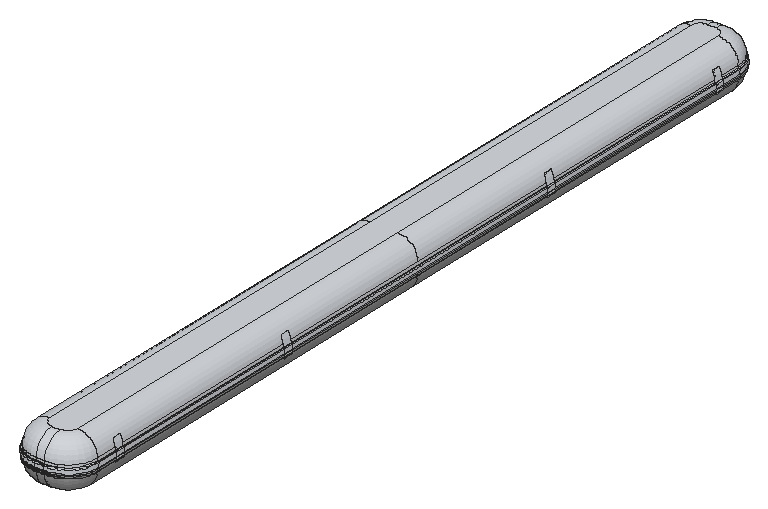
Revit family "VOC3_63_UN_Surface-mounted_ETK", category Lighting Fixtures, Revit 2017 (continued)
Definition of nested family "VOC3 - Geometry"
  Forms (mm)
    Extrusion 47, solid, visible <- "650mm x 127mm"
      sketch origin (0, -275, 0) x (-1, 0, 0) y (0, 0, 1)
        loop
          arc (-61.242, 49.671) -> (-59.937, 59.634) -> (-56.742, 69.16) r 52.018
          arc (-56.742, 69.16) -> (-56.994, 69.821) -> (-57.655, 69.569) r 0.5
          arc (-57.655, 69.569) -> (-60.733, 60.606) -> (-62.168, 51.238) r 53.018
          arc (-62.168, 51.238) -> (-62.34, 50.847) -> (-62.725, 50.662) r 0.618
          arc (-62.725, 50.662) -> (-63.99, 50.027) -> (-64.5, 48.707) r 1.964
          line (-64.5, 48.707) -> (-64.5, 35.336)
          arc (-64.5, 35.336) -> (-63.901, 33.891) -> (-62.456, 33.292) r 2.044
          line (-62.456, 33.292) -> (-61.548, 33.292)
          arc (-61.548, 33.292) -> (-61.048, 33.792) -> (-61.548, 34.292) r 0.5
          line (-61.548, 34.292) -> (-62.456, 34.292)
          arc (-62.456, 34.292) -> (-63.194, 34.598) -> (-63.5, 35.336) r 1.044
          line (-63.5, 35.336) -> (-63.5, 48.707)
          arc (-63.5, 48.707) -> (-63.218, 49.388) -> (-62.536, 49.671) r 0.964
          line (-62.536, 49.671) -> (-61.242, 49.671)
      from 0 to 15
    Extrusion 48, solid, visible <- "650mm x 127mm"
      sketch origin (0, -105, 0) x (-1, 0, 0) y (0, 0, 1)
        loop
          arc (-61.242, 49.671) -> (-59.937, 59.634) -> (-56.742, 69.16) r 52.018
          arc (-56.742, 69.16) -> (-56.994, 69.821) -> (-57.655, 69.569) r 0.5
          arc (-57.655, 69.569) -> (-60.733, 60.606) -> (-62.168, 51.238) r 53.018
          arc (-62.168, 51.238) -> (-62.34, 50.847) -> (-62.725, 50.662) r 0.618
          arc (-62.725, 50.662) -> (-63.99, 50.027) -> (-64.5, 48.707) r 1.964
          line (-64.5, 48.707) -> (-64.5, 35.336)
          arc (-64.5, 35.336) -> (-63.901, 33.891) -> (-62.456, 33.292) r 2.044
          line (-62.456, 33.292) -> (-61.548, 33.292)
          arc (-61.548, 33.292) -> (-61.048, 33.792) -> (-61.548, 34.292) r 0.5
          line (-61.548, 34.292) -> (-62.456, 34.292)
          arc (-62.456, 34.292) -> (-63.194, 34.598) -> (-63.5, 35.336) r 1.044
          line (-63.5, 35.336) -> (-63.5, 48.707)
          arc (-63.5, 48.707) -> (-63.218, 49.388) -> (-62.536, 49.671) r 0.964
          line (-62.536, 49.671) -> (-61.242, 49.671)
      from 0 to 15
    Sweep 49, solid, visible <- "1260mm x 127mm"
      path origin (0, 0, 0) x (1, 0, 0) y (0, 1, 0)
        loop
          line (-63.5, 0) -> (-63.5, -569)
          arc (-63.5, -569) -> (-47.098, -608.598) -> (-7.5, -625) r 56
          line (-7.5, -625) -> (7.5, -625)
          arc (7.5, -625) -> (47.098, -608.598) -> (63.5, -569) r 56
          line (63.5, -569) -> (63.5, 0) -> (63.5, 569)
          arc (63.5, 569) -> (47.098, 608.598) -> (7.5, 625) r 56
          line (7.5, 625) -> (-7.5, 625)
          arc (-7.5, 625) -> (-47.098, 608.598) -> (-63.5, 569) r 56
          line (-63.5, 569) -> (-63.5, 0)
      profile origin (-63.5, 284.5, 0) x (-1, 0, 0) y (0, 0, 1)
        loop
          line (-38.5, 90) -> (-51.937, 90) -> (-51.937, 89) -> (-38.5, 89)
          arc (-38.5, 89) -> (-14.207, 78.938) -> (-4.145, 54.645) r 34.355
          line (-4.145, 54.645) -> (-4.145, 49.645) -> (-4.145, 39.645) -> (-1, 39.645)
          arc (-1, 39.645) -> (-0.293, 39.938) -> (0, 40.645) r 1
          line (0, 40.645) -> (0, 48.645)
          arc (0, 48.645) -> (-0.293, 49.352) -> (-1, 49.645) r 1
          line (-1, 49.645) -> (-2.145, 49.645)
          arc (-2.145, 49.645) -> (-2.852, 49.938) -> (-3.145, 50.645) r 1
          line (-3.145, 50.645) -> (-3.145, 54.645)
          arc (-3.145, 54.645) -> (-13.5, 79.645) -> (-38.5, 90) r 35.355
    Extrusion 50, solid, visible <- "1260mm x 127mm"
      sketch origin (0, 0, 89) x (1, 0, 0) y (0, 1, 0)
        loop
          arc (-11.562, -569) -> (-10.373, -571.873) -> (-7.5, -573.063) r 4.063
          line (-7.5, -573.063) -> (7.5, -573.063)
          arc (7.5, -573.063) -> (10.373, -571.873) -> (11.562, -569) r 4.062
          line (11.562, -569) -> (11.562, 569)
          arc (11.562, 569) -> (10.373, 571.873) -> (7.5, 573.062) r 4.062
          line (7.5, 573.062) -> (-7.5, 573.062)
          arc (-7.5, 573.062) -> (-10.373, 571.873) -> (-11.562, 569) r 4.062
          line (-11.562, 569) -> (-11.562, -569)
      from 0 to 1
    Sweep 51, solid, material <- "Luminaire_Cap_Material", visible <- "1260mm x 127mm"
      path origin (0, 0, 79.289) x (0, -1, 0) y (1, 0, 0)
        loop
          line (0, -63.5) -> (569, -63.5)
          arc (569, -63.5) -> (608.598, -47.098) -> (625, -7.5) r 56
          line (625, -7.5) -> (625, 7.5)
          arc (625, 7.5) -> (608.598, 47.098) -> (569, 63.5) r 56
          line (569, 63.5) -> (0, 63.5) -> (-569, 63.5)
          arc (-569, 63.5) -> (-608.598, 47.098) -> (-625, 7.5) r 56
          line (-625, 7.5) -> (-625, -7.5)
          arc (-625, -7.5) -> (-608.598, -47.098) -> (-569, -63.5) r 56
          line (-569, -63.5) -> (0, -63.5)
      profile origin (-63.5, 284.5, 79.289) x (-1, 0, 0) y (0, 0, 1)
        loop
          line (-3.159, -44.957) -> (-1.312, -44.957)
          arc (-1.312, -44.957) -> (-0.605, -44.664) -> (-0.312, -43.957) r 1
          line (-0.312, -43.957) -> (-0.312, -40.645)
          arc (-0.312, -40.645) -> (-0.605, -39.938) -> (-1.312, -39.645) r 1
          line (-1.312, -39.645) -> (-4.145, -39.645) -> (-4.145, -43.934)
          arc (-4.145, -43.934) -> (-14.207, -68.227) -> (-38.5, -78.289) r 34.355
          line (-38.5, -78.289) -> (-51.937, -78.289) -> (-51.937, -79.289) -> (-38.5, -79.289)
          arc (-38.5, -79.289) -> (-13.864, -69.293) -> (-3.159, -44.957) r 35.355
    Extrusion 52, solid, material <- "Luminaire_Cap_Material", visible <- "1260mm x 127mm"
      sketch origin (0, 0, 0) x (1, 0, 0) y (0, 1, 0)
        loop
          arc (-11.562, -569) -> (-10.373, -571.873) -> (-7.5, -573.063) r 4.063
          line (-7.5, -573.063) -> (7.5, -573.063)
          arc (7.5, -573.063) -> (10.373, -571.873) -> (11.562, -569) r 4.062
          line (11.562, -569) -> (11.562, 569)
          arc (11.562, 569) -> (10.373, 571.873) -> (7.5, 573.062) r 4.062
          line (7.5, 573.062) -> (-7.5, 573.062)
          arc (-7.5, 573.062) -> (-10.373, 571.873) -> (-11.562, 569) r 4.062
          line (-11.562, 569) -> (-11.562, -569)
      from 0 to 1
    Extrusion 53, solid, visible <- "1260mm x 127mm"
      sketch origin (0, 545, 0) x (1, 0, 0) y (0, 0, 1)
        loop
          arc (-61.242, 49.671) -> (-59.937, 59.634) -> (-56.742, 69.16) r 52.018
          arc (-56.742, 69.16) -> (-56.994, 69.821) -> (-57.655, 69.569) r 0.5
          arc (-57.655, 69.569) -> (-60.733, 60.606) -> (-62.168, 51.238) r 53.018
          arc (-62.168, 51.238) -> (-62.34, 50.847) -> (-62.725, 50.662) r 0.618
          arc (-62.725, 50.662) -> (-63.99, 50.027) -> (-64.5, 48.707) r 1.964
          line (-64.5, 48.707) -> (-64.5, 35.336)
          arc (-64.5, 35.336) -> (-63.901, 33.891) -> (-62.456, 33.292) r 2.044
          line (-62.456, 33.292) -> (-61.548, 33.292)
          arc (-61.548, 33.292) -> (-61.048, 33.792) -> (-61.548, 34.292) r 0.5
          line (-61.548, 34.292) -> (-62.456, 34.292)
          arc (-62.456, 34.292) -> (-63.194, 34.598) -> (-63.5, 35.336) r 1.044
          line (-63.5, 35.336) -> (-63.5, 48.707)
          arc (-63.5, 48.707) -> (-63.218, 49.388) -> (-62.536, 49.671) r 0.964
          line (-62.536, 49.671) -> (-61.242, 49.671)
      from 0 to 15
    Extrusion 54, solid, visible <- "1260mm x 127mm"
      sketch origin (0, 265, 0) x (1, 0, 0) y (0, 0, 1)
        loop
          arc (-61.242, 49.671) -> (-59.937, 59.634) -> (-56.742, 69.16) r 52.018
          arc (-56.742, 69.16) -> (-56.994, 69.821) -> (-57.655, 69.569) r 0.5
          arc (-57.655, 69.569) -> (-60.733, 60.606) -> (-62.168, 51.238) r 53.018
          arc (-62.168, 51.238) -> (-62.34, 50.847) -> (-62.725, 50.662) r 0.618
          arc (-62.725, 50.662) -> (-63.99, 50.027) -> (-64.5, 48.707) r 1.964
          line (-64.5, 48.707) -> (-64.5, 35.336)
          arc (-64.5, 35.336) -> (-63.901, 33.891) -> (-62.456, 33.292) r 2.044
          line (-62.456, 33.292) -> (-61.548, 33.292)
          arc (-61.548, 33.292) -> (-61.048, 33.792) -> (-61.548, 34.292) r 0.5
          line (-61.548, 34.292) -> (-62.456, 34.292)
          arc (-62.456, 34.292) -> (-63.194, 34.598) -> (-63.5, 35.336) r 1.044
          line (-63.5, 35.336) -> (-63.5, 48.707)
          arc (-63.5, 48.707) -> (-63.218, 49.388) -> (-62.536, 49.671) r 0.964
          line (-62.536, 49.671) -> (-61.242, 49.671)
      from 0 to 15
    Extrusion 55, solid, visible <- "1260mm x 127mm"
      sketch origin (0, 545, 0) x (-1, 0, 0) y (0, 0, -1)
        loop
          line (-61.242, -49.671) -> (-62.536, -49.671)
          arc (-62.536, -49.671) -> (-63.218, -49.388) -> (-63.5, -48.707) r 0.964
          line (-63.5, -48.707) -> (-63.5, -35.336)
          arc (-63.5, -35.336) -> (-63.194, -34.598) -> (-62.456, -34.292) r 1.044
          line (-62.456, -34.292) -> (-61.548, -34.292)
          arc (-61.548, -34.292) -> (-61.048, -33.792) -> (-61.548, -33.292) r 0.5
          line (-61.548, -33.292) -> (-62.456, -33.292)
          arc (-62.456, -33.292) -> (-63.901, -33.891) -> (-64.5, -35.336) r 2.044
          line (-64.5, -35.336) -> (-64.5, -48.707)
          arc (-64.5, -48.707) -> (-63.99, -50.027) -> (-62.725, -50.662) r 1.964
          arc (-62.725, -50.662) -> (-62.34, -50.847) -> (-62.168, -51.238) r 0.618
          arc (-62.168, -51.238) -> (-60.733, -60.606) -> (-57.655, -69.569) r 53.018
          arc (-57.655, -69.569) -> (-56.994, -69.821) -> (-56.742, -69.16) r 0.5
          arc (-56.742, -69.16) -> (-59.937, -59.634) -> (-61.242, -49.671) r 52.018
      from 0 to 15
    Extrusion 56, solid, visible <- "1260mm x 127mm"
      sketch origin (0, 265, 0) x (-1, 0, 0) y (0, 0, -1)
        loop
          line (-61.242, -49.671) -> (-62.536, -49.671)
          arc (-62.536, -49.671) -> (-63.218, -49.388) -> (-63.5, -48.707) r 0.964
          line (-63.5, -48.707) -> (-63.5, -35.336)
          arc (-63.5, -35.336) -> (-63.194, -34.598) -> (-62.456, -34.292) r 1.044
          line (-62.456, -34.292) -> (-61.548, -34.292)
          arc (-61.548, -34.292) -> (-61.048, -33.792) -> (-61.548, -33.292) r 0.5
          line (-61.548, -33.292) -> (-62.456, -33.292)
          arc (-62.456, -33.292) -> (-63.901, -33.891) -> (-64.5, -35.336) r 2.044
          line (-64.5, -35.336) -> (-64.5, -48.707)
          arc (-64.5, -48.707) -> (-63.99, -50.027) -> (-62.725, -50.662) r 1.964
          arc (-62.725, -50.662) -> (-62.34, -50.847) -> (-62.168, -51.238) r 0.618
          arc (-62.168, -51.238) -> (-60.733, -60.606) -> (-57.655, -69.569) r 53.018
          arc (-57.655, -69.569) -> (-56.994, -69.821) -> (-56.742, -69.16) r 0.5
          arc (-56.742, -69.16) -> (-59.937, -59.634) -> (-61.242, -49.671) r 52.018
      from 0 to 15
    Extrusion 57, solid, visible <- "1260mm x 127mm"
      sketch origin (0, -545, 0) x (1, 0, 0) y (0, 0, -1)
        loop
          line (-61.242, -49.671) -> (-62.536, -49.671)
          arc (-62.536, -49.671) -> (-63.218, -49.388) -> (-63.5, -48.707) r 0.964
          line (-63.5, -48.707) -> (-63.5, -35.336)
          arc (-63.5, -35.336) -> (-63.194, -34.598) -> (-62.456, -34.292) r 1.044
          line (-62.456, -34.292) -> (-61.548, -34.292)
          arc (-61.548, -34.292) -> (-61.048, -33.792) -> (-61.548, -33.292) r 0.5
          line (-61.548, -33.292) -> (-62.456, -33.292)
          arc (-62.456, -33.292) -> (-63.901, -33.891) -> (-64.5, -35.336) r 2.044
          line (-64.5, -35.336) -> (-64.5, -48.707)
          arc (-64.5, -48.707) -> (-63.99, -50.027) -> (-62.725, -50.662) r 1.964
          arc (-62.725, -50.662) -> (-62.34, -50.847) -> (-62.168, -51.238) r 0.618
          arc (-62.168, -51.238) -> (-60.733, -60.606) -> (-57.655, -69.569) r 53.018
          arc (-57.655, -69.569) -> (-56.994, -69.821) -> (-56.742, -69.16) r 0.5
          arc (-56.742, -69.16) -> (-59.937, -59.634) -> (-61.242, -49.671) r 52.018
      from 0 to 15
    Extrusion 58, solid, visible <- "1260mm x 127mm"
      sketch origin (0, -265, 0) x (1, 0, 0) y (0, 0, -1)
        loop
          line (-61.242, -49.671) -> (-62.536, -49.671)
          arc (-62.536, -49.671) -> (-63.218, -49.388) -> (-63.5, -48.707) r 0.964
          line (-63.5, -48.707) -> (-63.5, -35.336)
          arc (-63.5, -35.336) -> (-63.194, -34.598) -> (-62.456, -34.292) r 1.044
          line (-62.456, -34.292) -> (-61.548, -34.292)
          arc (-61.548, -34.292) -> (-61.048, -33.792) -> (-61.548, -33.292) r 0.5
          line (-61.548, -33.292) -> (-62.456, -33.292)
          arc (-62.456, -33.292) -> (-63.901, -33.891) -> (-64.5, -35.336) r 2.044
          line (-64.5, -35.336) -> (-64.5, -48.707)
          arc (-64.5, -48.707) -> (-63.99, -50.027) -> (-62.725, -50.662) r 1.964
          arc (-62.725, -50.662) -> (-62.34, -50.847) -> (-62.168, -51.238) r 0.618
          arc (-62.168, -51.238) -> (-60.733, -60.606) -> (-57.655, -69.569) r 53.018
          arc (-57.655, -69.569) -> (-56.994, -69.821) -> (-56.742, -69.16) r 0.5
          arc (-56.742, -69.16) -> (-59.937, -59.634) -> (-61.242, -49.671) r 52.018
      from 0 to 15
    Extrusion 59, solid, visible <- "1260mm x 127mm"
      sketch origin (0, -545, 0) x (-1, 0, 0) y (0, 0, 1)
        loop
          arc (-61.242, 49.671) -> (-59.937, 59.634) -> (-56.742, 69.16) r 52.018
          arc (-56.742, 69.16) -> (-56.994, 69.821) -> (-57.655, 69.569) r 0.5
          arc (-57.655, 69.569) -> (-60.733, 60.606) -> (-62.168, 51.238) r 53.018
          arc (-62.168, 51.238) -> (-62.34, 50.847) -> (-62.725, 50.662) r 0.618
          arc (-62.725, 50.662) -> (-63.99, 50.027) -> (-64.5, 48.707) r 1.964
          line (-64.5, 48.707) -> (-64.5, 35.336)
          arc (-64.5, 35.336) -> (-63.901, 33.891) -> (-62.456, 33.292) r 2.044
          line (-62.456, 33.292) -> (-61.548, 33.292)
          arc (-61.548, 33.292) -> (-61.048, 33.792) -> (-61.548, 34.292) r 0.5
          line (-61.548, 34.292) -> (-62.456, 34.292)
          arc (-62.456, 34.292) -> (-63.194, 34.598) -> (-63.5, 35.336) r 1.044
          line (-63.5, 35.336) -> (-63.5, 48.707)
          arc (-63.5, 48.707) -> (-63.218, 49.388) -> (-62.536, 49.671) r 0.964
          line (-62.536, 49.671) -> (-61.242, 49.671)
      from 0 to 15
    Extrusion 60, solid, visible <- "1260mm x 127mm"
      sketch origin (0, -265, 0) x (-1, 0, 0) y (0, 0, 1)
        loop
          arc (-61.242, 49.671) -> (-59.937, 59.634) -> (-56.742, 69.16) r 52.018
          arc (-56.742, 69.16) -> (-56.994, 69.821) -> (-57.655, 69.569) r 0.5
          arc (-57.655, 69.569) -> (-60.733, 60.606) -> (-62.168, 51.238) r 53.018
          arc (-62.168, 51.238) -> (-62.34, 50.847) -> (-62.725, 50.662) r 0.618
          arc (-62.725, 50.662) -> (-63.99, 50.027) -> (-64.5, 48.707) r 1.964
          line (-64.5, 48.707) -> (-64.5, 35.336)
          arc (-64.5, 35.336) -> (-63.901, 33.891) -> (-62.456, 33.292) r 2.044
          line (-62.456, 33.292) -> (-61.548, 33.292)
          arc (-61.548, 33.292) -> (-61.048, 33.792) -> (-61.548, 34.292) r 0.5
          line (-61.548, 34.292) -> (-62.456, 34.292)
          arc (-62.456, 34.292) -> (-63.194, 34.598) -> (-63.5, 35.336) r 1.044
          line (-63.5, 35.336) -> (-63.5, 48.707)
          arc (-63.5, 48.707) -> (-63.218, 49.388) -> (-62.536, 49.671) r 0.964
          line (-62.536, 49.671) -> (-61.242, 49.671)
      from 0 to 15
    Sweep 61, solid, visible <- "1560mm x 127mm"
      path origin (0, 0, 0) x (1, 0, 0) y (0, 1, 0)
        loop
          line (-63.5, 0) -> (-63.5, -724)
          arc (-63.5, -724) -> (-47.098, -763.598) -> (-7.5, -780) r 56
          line (-7.5, -780) -> (7.5, -780)
          arc (7.5, -780) -> (47.098, -763.598) -> (63.5, -724) r 56
          line (63.5, -724) -> (63.5, 0) -> (63.5, 724)
          arc (63.5, 724) -> (47.098, 763.598) -> (7.5, 780) r 56
          line (7.5, 780) -> (-7.5, 780)
          arc (-7.5, 780) -> (-47.098, 763.598) -> (-63.5, 724) r 56
          line (-63.5, 724) -> (-63.5, 0)
      profile origin (-63.5, 362, 0) x (-1, 0, 0) y (0, 0, 1)
        loop
          line (-38.5, 90) -> (-51.937, 90) -> (-51.937, 89) -> (-38.5, 89)
          arc (-38.5, 89) -> (-14.207, 78.938) -> (-4.145, 54.645) r 34.355
          line (-4.145, 54.645) -> (-4.145, 49.645) -> (-4.145, 39.645) -> (-1, 39.645)
          arc (-1, 39.645) -> (-0.293, 39.938) -> (0, 40.645) r 1
          line (0, 40.645) -> (0, 48.645)
          arc (0, 48.645) -> (-0.293, 49.352) -> (-1, 49.645) r 1
          line (-1, 49.645) -> (-2.145, 49.645)
          arc (-2.145, 49.645) -> (-2.852, 49.938) -> (-3.145, 50.645) r 1
          line (-3.145, 50.645) -> (-3.145, 54.645)
          arc (-3.145, 54.645) -> (-13.5, 79.645) -> (-38.5, 90) r 35.355
    Extrusion 62, solid, visible <- "1560mm x 127mm"
      sketch origin (0, 0, 89) x (1, 0, 0) y (0, 1, 0)
        loop
          arc (-11.562, -724) -> (-10.373, -726.873) -> (-7.5, -728.063) r 4.063
          line (-7.5, -728.063) -> (7.5, -728.063)
          arc (7.5, -728.063) -> (10.373, -726.873) -> (11.562, -724) r 4.062
          line (11.562, -724) -> (11.562, 724)
          arc (11.562, 724) -> (10.373, 726.873) -> (7.5, 728.062) r 4.062
          line (7.5, 728.062) -> (-7.5, 728.062)
          arc (-7.5, 728.062) -> (-10.373, 726.873) -> (-11.562, 724) r 4.062
          line (-11.562, 724) -> (-11.562, -724)
      from 0 to 1
    Sweep 63, solid, material <- "Luminaire_Cap_Material", visible <- "1560mm x 127mm"
      path origin (0, 0, 79.289) x (0, -1, 0) y (1, 0, 0)
        loop
          line (0, -63.5) -> (724, -63.5)
          arc (724, -63.5) -> (763.598, -47.098) -> (780, -7.5) r 56
          line (780, -7.5) -> (780, 7.5)
          arc (780, 7.5) -> (763.598, 47.098) -> (724, 63.5) r 56
          line (724, 63.5) -> (0, 63.5) -> (-724, 63.5)
          arc (-724, 63.5) -> (-763.598, 47.098) -> (-780, 7.5) r 56
          line (-780, 7.5) -> (-780, -7.5)
          arc (-780, -7.5) -> (-763.598, -47.098) -> (-724, -63.5) r 56
          line (-724, -63.5) -> (0, -63.5)
      profile origin (-63.5, 362, 79.289) x (-1, 0, 0) y (0, 0, 1)
        loop
          line (-3.159, -44.957) -> (-1.312, -44.957)
          arc (-1.312, -44.957) -> (-0.605, -44.664) -> (-0.312, -43.957) r 1
          line (-0.312, -43.957) -> (-0.312, -40.645)
          arc (-0.312, -40.645) -> (-0.605, -39.938) -> (-1.312, -39.645) r 1
          line (-1.312, -39.645) -> (-4.145, -39.645) -> (-4.145, -43.934)
          arc (-4.145, -43.934) -> (-14.207, -68.227) -> (-38.5, -78.289) r 34.355
          line (-38.5, -78.289) -> (-51.937, -78.289) -> (-51.937, -79.289) -> (-38.5, -79.289)
          arc (-38.5, -79.289) -> (-13.864, -69.293) -> (-3.159, -44.957) r 35.355
    Extrusion 64, solid, material <- "Luminaire_Cap_Material", visible <- "1560mm x 127mm"
      sketch origin (0, 0, 0) x (1, 0, 0) y (0, 1, 0)
        loop
          arc (-11.562, -724) -> (-10.373, -726.873) -> (-7.5, -728.063) r 4.063
          line (-7.5, -728.063) -> (7.5, -728.063)
          arc (7.5, -728.063) -> (10.373, -726.873) -> (11.562, -724) r 4.062
          line (11.562, -724) -> (11.562, 724)
          arc (11.562, 724) -> (10.373, 726.873) -> (7.5, 728.062) r 4.062
          line (7.5, 728.062) -> (-7.5, 728.062)
          arc (-7.5, 728.062) -> (-10.373, 726.873) -> (-11.562, 724) r 4.062
          line (-11.562, 724) -> (-11.562, -724)
      from 0 to 1
    Extrusion 65, solid, visible <- "1560mm x 127mm"
      sketch origin (0, 685, 0) x (1, 0, 0) y (0, 0, 1)
        loop
          arc (-61.242, 49.671) -> (-59.937, 59.634) -> (-56.742, 69.16) r 52.018
          arc (-56.742, 69.16) -> (-56.994, 69.821) -> (-57.655, 69.569) r 0.5
          arc (-57.655, 69.569) -> (-60.733, 60.606) -> (-62.168, 51.238) r 53.018
          arc (-62.168, 51.238) -> (-62.34, 50.847) -> (-62.725, 50.662) r 0.618
          arc (-62.725, 50.662) -> (-63.99, 50.027) -> (-64.5, 48.707) r 1.964
          line (-64.5, 48.707) -> (-64.5, 35.336)
          arc (-64.5, 35.336) -> (-63.901, 33.891) -> (-62.456, 33.292) r 2.044
          line (-62.456, 33.292) -> (-61.548, 33.292)
          arc (-61.548, 33.292) -> (-61.048, 33.792) -> (-61.548, 34.292) r 0.5
          line (-61.548, 34.292) -> (-62.456, 34.292)
          arc (-62.456, 34.292) -> (-63.194, 34.598) -> (-63.5, 35.336) r 1.044
          line (-63.5, 35.336) -> (-63.5, 48.707)
          arc (-63.5, 48.707) -> (-63.218, 49.388) -> (-62.536, 49.671) r 0.964
          line (-62.536, 49.671) -> (-61.242, 49.671)
      from 0 to 15
    Extrusion 66, solid, visible <- "1560mm x 127mm"
      sketch origin (0, 305, 0) x (1, 0, 0) y (0, 0, 1)
        loop
          arc (-61.242, 49.671) -> (-59.937, 59.634) -> (-56.742, 69.16) r 52.018
          arc (-56.742, 69.16) -> (-56.994, 69.821) -> (-57.655, 69.569) r 0.5
          arc (-57.655, 69.569) -> (-60.733, 60.606) -> (-62.168, 51.238) r 53.018
          arc (-62.168, 51.238) -> (-62.34, 50.847) -> (-62.725, 50.662) r 0.618
          arc (-62.725, 50.662) -> (-63.99, 50.027) -> (-64.5, 48.707) r 1.964
          line (-64.5, 48.707) -> (-64.5, 35.336)
          arc (-64.5, 35.336) -> (-63.901, 33.891) -> (-62.456, 33.292) r 2.044
          line (-62.456, 33.292) -> (-61.548, 33.292)
          arc (-61.548, 33.292) -> (-61.048, 33.792) -> (-61.548, 34.292) r 0.5
          line (-61.548, 34.292) -> (-62.456, 34.292)
          arc (-62.456, 34.292) -> (-63.194, 34.598) -> (-63.5, 35.336) r 1.044
          line (-63.5, 35.336) -> (-63.5, 48.707)
          arc (-63.5, 48.707) -> (-63.218, 49.388) -> (-62.536, 49.671) r 0.964
          line (-62.536, 49.671) -> (-61.242, 49.671)
      from 0 to 15
    Extrusion 67, solid, visible <- "1560mm x 127mm"
      sketch origin (0, 685, 0) x (-1, 0, 0) y (0, 0, -1)
        loop
          line (-61.242, -49.671) -> (-62.536, -49.671)
          arc (-62.536, -49.671) -> (-63.218, -49.388) -> (-63.5, -48.707) r 0.964
          line (-63.5, -48.707) -> (-63.5, -35.336)
          arc (-63.5, -35.336) -> (-63.194, -34.598) -> (-62.456, -34.292) r 1.044
          line (-62.456, -34.292) -> (-61.548, -34.292)
          arc (-61.548, -34.292) -> (-61.048, -33.792) -> (-61.548, -33.292) r 0.5
          line (-61.548, -33.292) -> (-62.456, -33.292)
          arc (-62.456, -33.292) -> (-63.901, -33.891) -> (-64.5, -35.336) r 2.044
          line (-64.5, -35.336) -> (-64.5, -48.707)
          arc (-64.5, -48.707) -> (-63.99, -50.027) -> (-62.725, -50.662) r 1.964
          arc (-62.725, -50.662) -> (-62.34, -50.847) -> (-62.168, -51.238) r 0.618
          arc (-62.168, -51.238) -> (-60.733, -60.606) -> (-57.655, -69.569) r 53.018
          arc (-57.655, -69.569) -> (-56.994, -69.821) -> (-56.742, -69.16) r 0.5
          arc (-56.742, -69.16) -> (-59.937, -59.634) -> (-61.242, -49.671) r 52.018
      from 0 to 15
    Extrusion 68, solid, visible <- "1560mm x 127mm"
      sketch origin (0, 305, 0) x (-1, 0, 0) y (0, 0, -1)
        loop
          line (-61.242, -49.671) -> (-62.536, -49.671)
          arc (-62.536, -49.671) -> (-63.218, -49.388) -> (-63.5, -48.707) r 0.964
          line (-63.5, -48.707) -> (-63.5, -35.336)
          arc (-63.5, -35.336) -> (-63.194, -34.598) -> (-62.456, -34.292) r 1.044
          line (-62.456, -34.292) -> (-61.548, -34.292)
          arc (-61.548, -34.292) -> (-61.048, -33.792) -> (-61.548, -33.292) r 0.5
          line (-61.548, -33.292) -> (-62.456, -33.292)
          arc (-62.456, -33.292) -> (-63.901, -33.891) -> (-64.5, -35.336) r 2.044
          line (-64.5, -35.336) -> (-64.5, -48.707)
          arc (-64.5, -48.707) -> (-63.99, -50.027) -> (-62.725, -50.662) r 1.964
          arc (-62.725, -50.662) -> (-62.34, -50.847) -> (-62.168, -51.238) r 0.618
          arc (-62.168, -51.238) -> (-60.733, -60.606) -> (-57.655, -69.569) r 53.018
          arc (-57.655, -69.569) -> (-56.994, -69.821) -> (-56.742, -69.16) r 0.5
          arc (-56.742, -69.16) -> (-59.937, -59.634) -> (-61.242, -49.671) r 52.018
      from 0 to 15
    Extrusion 69, solid, visible <- "1560mm x 127mm"
      sketch origin (0, -685, 0) x (1, 0, 0) y (0, 0, -1)
        loop
          line (-61.242, -49.671) -> (-62.536, -49.671)
          arc (-62.536, -49.671) -> (-63.218, -49.388) -> (-63.5, -48.707) r 0.964
          line (-63.5, -48.707) -> (-63.5, -35.336)
          arc (-63.5, -35.336) -> (-63.194, -34.598) -> (-62.456, -34.292) r 1.044
          line (-62.456, -34.292) -> (-61.548, -34.292)
          arc (-61.548, -34.292) -> (-61.048, -33.792) -> (-61.548, -33.292) r 0.5
          line (-61.548, -33.292) -> (-62.456, -33.292)
          arc (-62.456, -33.292) -> (-63.901, -33.891) -> (-64.5, -35.336) r 2.044
          line (-64.5, -35.336) -> (-64.5, -48.707)
          arc (-64.5, -48.707) -> (-63.99, -50.027) -> (-62.725, -50.662) r 1.964
          arc (-62.725, -50.662) -> (-62.34, -50.847) -> (-62.168, -51.238) r 0.618
          arc (-62.168, -51.238) -> (-60.733, -60.606) -> (-57.655, -69.569) r 53.018
          arc (-57.655, -69.569) -> (-56.994, -69.821) -> (-56.742, -69.16) r 0.5
          arc (-56.742, -69.16) -> (-59.937, -59.634) -> (-61.242, -49.671) r 52.018
      from 0 to 15
    Extrusion 70, solid, visible <- "1560mm x 127mm"
      sketch origin (0, -305, 0) x (1, 0, 0) y (0, 0, -1)
        loop
          line (-61.242, -49.671) -> (-62.536, -49.671)
          arc (-62.536, -49.671) -> (-63.218, -49.388) -> (-63.5, -48.707) r 0.964
          line (-63.5, -48.707) -> (-63.5, -35.336)
          arc (-63.5, -35.336) -> (-63.194, -34.598) -> (-62.456, -34.292) r 1.044
          line (-62.456, -34.292) -> (-61.548, -34.292)
          arc (-61.548, -34.292) -> (-61.048, -33.792) -> (-61.548, -33.292) r 0.5
          line (-61.548, -33.292) -> (-62.456, -33.292)
          arc (-62.456, -33.292) -> (-63.901, -33.891) -> (-64.5, -35.336) r 2.044
          line (-64.5, -35.336) -> (-64.5, -48.707)
          arc (-64.5, -48.707) -> (-63.99, -50.027) -> (-62.725, -50.662) r 1.964
          arc (-62.725, -50.662) -> (-62.34, -50.847) -> (-62.168, -51.238) r 0.618
          arc (-62.168, -51.238) -> (-60.733, -60.606) -> (-57.655, -69.569) r 53.018
          arc (-57.655, -69.569) -> (-56.994, -69.821) -> (-56.742, -69.16) r 0.5
          arc (-56.742, -69.16) -> (-59.937, -59.634) -> (-61.242, -49.671) r 52.018
      from 0 to 15
    Extrusion 71, solid, visible <- "1560mm x 127mm"
      sketch origin (0, -685, 0) x (-1, 0, 0) y (0, 0, 1)
        loop
          arc (-61.242, 49.671) -> (-59.937, 59.634) -> (-56.742, 69.16) r 52.018
          arc (-56.742, 69.16) -> (-56.994, 69.821) -> (-57.655, 69.569) r 0.5
          arc (-57.655, 69.569) -> (-60.733, 60.606) -> (-62.168, 51.238) r 53.018
          arc (-62.168, 51.238) -> (-62.34, 50.847) -> (-62.725, 50.662) r 0.618
          arc (-62.725, 50.662) -> (-63.99, 50.027) -> (-64.5, 48.707) r 1.964
          line (-64.5, 48.707) -> (-64.5, 35.336)
          arc (-64.5, 35.336) -> (-63.901, 33.891) -> (-62.456, 33.292) r 2.044
          line (-62.456, 33.292) -> (-61.548, 33.292)
          arc (-61.548, 33.292) -> (-61.048, 33.792) -> (-61.548, 34.292) r 0.5
          line (-61.548, 34.292) -> (-62.456, 34.292)
          arc (-62.456, 34.292) -> (-63.194, 34.598) -> (-63.5, 35.336) r 1.044
          line (-63.5, 35.336) -> (-63.5, 48.707)
          arc (-63.5, 48.707) -> (-63.218, 49.388) -> (-62.536, 49.671) r 0.964
          line (-62.536, 49.671) -> (-61.242, 49.671)
      from 0 to 15
    Extrusion 72, solid, visible <- "1560mm x 127mm"
      sketch origin (0, -305, 0) x (-1, 0, 0) y (0, 0, 1)
        loop
          arc (-61.242, 49.671) -> (-59.937, 59.634) -> (-56.742, 69.16) r 52.018
          arc (-56.742, 69.16) -> (-56.994, 69.821) -> (-57.655, 69.569) r 0.5
          arc (-57.655, 69.569) -> (-60.733, 60.606) -> (-62.168, 51.238) r 53.018
          arc (-62.168, 51.238) -> (-62.34, 50.847) -> (-62.725, 50.662) r 0.618
          arc (-62.725, 50.662) -> (-63.99, 50.027) -> (-64.5, 48.707) r 1.964
          line (-64.5, 48.707) -> (-64.5, 35.336)
          arc (-64.5, 35.336) -> (-63.901, 33.891) -> (-62.456, 33.292) r 2.044
          line (-62.456, 33.292) -> (-61.548, 33.292)
          arc (-61.548, 33.292) -> (-61.048, 33.792) -> (-61.548, 34.292) r 0.5
          line (-61.548, 34.292) -> (-62.456, 34.292)
          arc (-62.456, 34.292) -> (-63.194, 34.598) -> (-63.5, 35.336) r 1.044
          line (-63.5, 35.336) -> (-63.5, 48.707)
          arc (-63.5, 48.707) -> (-63.218, 49.388) -> (-62.536, 49.671) r 0.964
          line (-62.536, 49.671) -> (-61.242, 49.671)
      from 0 to 15
  Cuts and joins
    joined: Sweep 6, Extrusion 7
    joined: Sweep 1, Extrusion 12
    joined: Sweep 14, Extrusion 15
    joined: Sweep 13, Extrusion 16
    joined: Sweep 25, Extrusion 28
    joined: Sweep 26, Extrusion 27
    joined: Sweep 37, Extrusion 38
    joined: Sweep 39, Extrusion 40
    joined: Sweep 49, Extrusion 50
    joined: Sweep 51, Extrusion 52
    joined: Sweep 63, Extrusion 64
    joined: Sweep 61, Extrusion 62
  Dimensions and locks
    Sweep 37 sketch curve to Sweep 37 sketch curve = 650 mm  (x2)
    Sweep 37 sketch curve to Sweep 37 sketch curve = 127 mm  (x2)
    aligned and locked: level to plane 2
    aligned and locked: Extrusion 50 to Sweep 49  (x2)
    aligned and locked: Extrusion 52 to Sweep 49
    aligned and locked: Extrusion 52 to Sweep 51
    aligned and locked: Extrusion 62 to Sweep 61  (x2)
    aligned and locked: Extrusion 64 to Sweep 61
    aligned and locked: Extrusion 64 to Sweep 63
Definition of nested family "VOC.3 - Lightsource"
  Parameters (values of type "VOC.3300.20 - 24W / 2700lm / 4000K")
    Wattage Comments = "24W"
    Wattage = 18.1767 W
    built-in parameter 1150110 = 1 (stored number, unit not read)
    URL = "https://www.etk.nl/media/wysiwyg/files/VOC.3.pdf"
    built-in parameter 1114217 = 1 (stored number, unit not read)
    Tilt Angle = 90.00°
    built-in parameter 1150109 = 1 (stored number, unit not read)
    built-in parameter 1150134 = 12
    built-in parameter 1150113 = 1 (stored number, unit not read)
    Photometric Web File = "VOC.3300.20.ies"
    Model = "VOC.3"
    Manufacturer = "ETK B.V."
    built-in parameter 1150105 = 738.37 (stored number, unit not read)
    Lumens = 2700 lm
    built-in parameter 1150115 = 1 (stored number, unit not read)
    built-in parameter 1150137 = (empty or 0)
    built-in parameter 1150139 = (empty or 0)
    built-in parameter 1150112 = 1 (stored number, unit not read)
    built-in parameter 1150114 = 1 (stored number, unit not read)
    Lamp = "LED"
    built-in parameter 1150132 = 2
    built-in parameter 1150102 = (empty or 0)
    built-in parameter 1150107 = 4000 (stored number, unit not read)
    built-in parameter 1150138 = (empty or 0)
    built-in parameter 1150106 = 7.3837 (stored number, unit not read)
    built-in parameter 1150104 = 13.8 (stored number, unit not read)
    Dimming Lamp Color Temperature Shift = (empty or 0)
    Description = "Light sources"
    Copyright © IVLighting = "www.ivlighting.nl"
    Color Filter = 16777215
    built-in parameter 1114218 = 1 (stored number, unit not read)
    built-in parameter 1150133 = 10 (stored number, unit not read)
    Assembly Code = "63.0"
    Apparent Load = 24 VA
  Types (6, lengths in mm): name | Wattage Comments | Wattage | Photometric Web File | built-in parameter 1150105 | Lumens | built-in parameter 1150106 | built-in parameter 1150104 | Apparent Load
    VOC.3100.20 - 12W / 1300lm / 4000K | "12W" | 12.037 W | "VOC.3100.20.ies" | 355.51 (stored number, unit not read) | 1300 lm | 3.5551 (stored number, unit not read) | 10.034 (stored number, unit not read) | 12 VA
    VOC.3200.20 - 23W / 2600lm / 4000K | "23W" | 17.5035 W | "VOC.3200.20.ies" | 711.03 (stored number, unit not read) | 2600 lm | 7.1103 (stored number, unit not read) | 13.8 (stored number, unit not read) | 23 VA
    VOC.3300.20 - 24W / 2700lm / 4000K | "24W" | 18.1767 W | "VOC.3300.20.ies" | 738.37 (stored number, unit not read) | 2700 lm | 7.3837 (stored number, unit not read) | 13.8 (stored number, unit not read) | 24 VA
    VOC.3400.20 - 47W / 5300lm / 4000K | "47W" | 35.6802 W | "VOC.3400.20.ies" | 1500.4 (stored number, unit not read) | 5300 lm | 15.004 (stored number, unit not read) | 13.8 (stored number, unit not read) | 47 VA
    VOC.3500.20 - 26W / 3000lm / 4000K | "26W" | 20.1963 W | "VOC.3500.20.ies" | 831 (stored number, unit not read) | 3000 lm | 8.31 (stored number, unit not read) | 13.8 (stored number, unit not read) | 26 VA
    VOC.3600.20 - 52W / 5800lm / 4000K | "52W" | 39.0462 W | "VOC.3600.20.ies" | 1606.6 (stored number, unit not read) | 5800 lm | 16.066 (stored number, unit not read) | 13.8 (stored number, unit not read) | 52 VA
  Reference planes
    plane 1 "Center (Front/Back)": y = 0
    plane 2: z = 0
    plane 3 "Center (Left/Right)": x = 0
  Dimensions and locks
    aligned and locked: level to plane 2
Definition of nested family "VOC.3 Light_Symbol IVL"
  Parameters (values of type "Lighting Fixture - Round")
    Waterproof = yes
    Symbol_Width = 1.3 mm
    Symbol_Length = 15.6 mm
    Lighting Fixture = yes
    Emergency Lighting = no
  Types (3, lengths in mm): name | Waterproof | Symbol_Width | Symbol_Length | Emergency Lighting
    Lighting Fixture - Round | yes | 1.3 | 15.6 | no
    Lighting Fixture Round - Emergency Lighting | no | 0.6 | 10.36 | yes
    Lighting Fixture Round - Waterproof | yes | 0.6 | 10.36 | no
  Reference planes
    plane 1: y = 0
    plane 2: x = 0
  Lines and regions (mm)
    Filled region 1, type "Emergency Lighting", visible <- "Waterproof"
      outline origin (5.15, 1.04, 0) x (1, 0, 0) y (0, 1, 0)
        loop
          arc (-6.485, -1.34) -> (-5.15, -2.408) -> (-3.815, -1.34) r 1.368
          line (-3.815, -1.34) -> (-6.485, -1.34)
    Filled region 2, type "Emergency Lighting", visible <- "Emergency Lighting"
      outline origin (5.15, 1.04, 0) x (1, 0, 0) y (0, 1, 0)
        loop
          line (-5.15, -1.04) -> (-6.117, -0.073)
          arc (-6.117, -0.073) -> (-6.518, -1.04) -> (-6.117, -2.008) r 1.368
          line (-6.117, -2.008) -> (-5.15, -1.04)
    Filled region 3, type "Emergency Lighting", visible <- "Emergency Lighting"
      outline origin (-5.15, 1.04, 0) x (0, 1, 0) y (-1, 0, 0)
        loop
          line (-1.04, -5.15) -> (-2.008, -6.117)
          arc (-2.008, -6.117) -> (-1.04, -6.518) -> (-0.073, -6.117) r 1.368
          line (-0.073, -6.117) -> (-1.04, -5.15)
    detail lines, visible <- "Lighting Fixture"
      curve 1: circle (0, 0, 0) r 1.368 normal (0, 0, 1)
    detail lines, not visible
      curve 2: line (1.335, -0.3, 0) -> (-1.335, -0.3, 0)
    detail lines, visible <- "Waterproof"
      curve 3: circle (0, 0, 0) r 1.368 normal (0, 0, 1)
    detail lines, visible <- "Emergency Lighting"
      curve 4: circle (0, 0, 0) r 1.368 normal (0, 0, 1)
    detail lines
      curve 5: line (1.204, 0.65, 0) -> (7.8, 0.65, 0)
      curve 6: line (1.204, -0.65, 0) -> (7.8, -0.65, 0)
      curve 7: line (7.8, -0.65, 0) -> (7.8, 0.65, 0)
      curve 8: line (-1.204, 0.65, 0) -> (-7.8, 0.65, 0)
      curve 9: line (-1.204, -0.65, 0) -> (-7.8, -0.65, 0)
      curve 10: line (-7.8, -0.65, 0) -> (-7.8, 0.65, 0)
  Dimensions and locks
    equal spacing: curve 8, plane 1, curve 9
    equal spacing: curve 6, plane 1, curve 5
    equal spacing: curve 10, plane 2, curve 7
    "Symbol_Length": curve 10 to curve 7
    "Symbol_Width": curve 8 to curve 9
    "Symbol_Width": curve 6 to curve 5
  Automatic sketch dimensions
    plane 1 to Filled region 2 sketch curve = 0 mm  (x2)
    Filled region 2 sketch curve to plane 2 = 0 mm  (x2)
    Filled region 2 sketch curve to plane 2 = 0.967 mm  (x2)
    plane 1 to Filled region 3 sketch curve = 0 mm  (x2)
    Filled region 3 sketch curve to plane 2 = 0 mm  (x2)
    plane 1 to Filled region 3 sketch curve = 0.967 mm
    Filled region 3 sketch curve to plane 1 = 0.967 mm
    plane 1 to Filled region 1 sketch curve = 0 mm
    Filled region 1 sketch curve to plane 2 = 0 mm
    plane 1 to Filled region 1 sketch curve = 0.3 mm
    plane 2 to Filled region 1 sketch curve = 1.335 mm
    curve 1 to curve 3 = 0 mm  (x2)
    curve 1 to curve 4 = 0 mm  (x2)
    curve 3 to curve 4 = 0 mm  (x2)
    plane 1 to curve 1 = 0 mm
    curve 1 to plane 2 = 0 mm
    plane 1 to curve 2 = 0.3 mm
    curve 2 to plane 2 = 1.335 mm
    radius of curve 3 = 1.368 mm
    radius of curve 4 = 1.368 mm
Types (7, lengths in mm): name | Wattage Comments | Symbol_Width | Symbol_Length | Lightsource | Geometry | Apparent Load
  (no name) | "52W" | 1.3 | 15.6 | VOC.3 - Lightsource : VOC.3600.20 - 52W / 5800lm / 4000K | VOC3 - Geometry : VOC.3600.20 - 52W / 5800lm / 4000K | 52 VA
  VOC.3100.20 - 12W / 1300lm / 4000K | "12W" | 0.7 | 6.5 | VOC.3 - Lightsource : VOC.3100.20 - 12W / 1300lm / 4000K | VOC3 - Geometry : VOC.3100.20 - 12W / 1300lm / 4000K | 12 VA
  VOC.3200.20 - 23W / 2600lm / 4000K | "23W" | 1.3 | 6.5 | VOC.3 - Lightsource : VOC.3200.20 - 23W / 2600lm / 4000K | VOC3 - Geometry : VOC.3200.20 - 23W / 2600lm / 4000K | 23 VA
  VOC.3300.20 - 24W / 2700lm / 4000K | "24W" | 0.8 | 12.6 | VOC.3 - Lightsource : VOC.3300.20 - 24W / 2700lm / 4000K | VOC3 - Geometry : VOC.3300.20 - 24W / 2700lm / 4000K | 24 VA
  VOC.3400.20 - 47W / 5300lm / 4000K | "47W" | 1.3 | 12.6 | VOC.3 - Lightsource : VOC.3400.20 - 47W / 5300lm / 4000K | VOC3 - Geometry : VOC.3400.20 - 47W / 5300lm / 4000K | 47 VA
  VOC.3500.20 - 26W / 3000lm / 4000K | "26W" | 0.8 | 15.6 | VOC.3 - Lightsource : VOC.3500.20 - 26W / 3000lm / 4000K | VOC3 - Geometry : VOC.3500.20 - 26W / 3000lm / 4000K | 26 VA
  VOC.3600.20 - 52W / 5800lm / 4000K | "52W" | 1.3 | 15.6 | VOC.3 - Lightsource : VOC.3600.20 - 52W / 5800lm / 4000K | VOC3 - Geometry : VOC.3600.20 - 52W / 5800lm / 4000K | 52 VA
